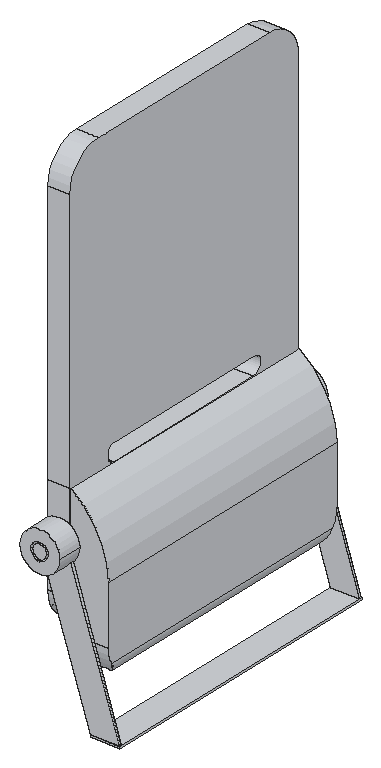
Revit family "2824067", category Generic Models, host Face, Revit 2018
Family settings
  Host = Face
  Can host rebar = No
  Round Connector Dimension = Use Diameter
  Part Type = Normal
  OmniClass Number = 23.80.70.00
  OmniClass Title = Lighting
  Cut with Voids When Loaded = No
  Shared = No
  Room Calculation Point = No
Parameters (values of type "Type Name")
  rotation axis = 142.4 mm
  bracket width = 288 mm
  URL = "http://www.sylvania-lighting.com"
  Type Image = <None>
  Type Comments = "n/a"
  Material_3_SYL = none
  Model = ""
  Manufacturer = "Feilo Sylvania"
  Keynote = ""
  Material_2_SYL = none
  Height = 157.859 mm
  Description = ""
  Default Elevation = 1219.2 mm
  Cost = 0
  Material_1_SYL = none
  Bracket Height = 195 mm
  Assembly Code = ""
  Material_4_SYL = none
Reference planes
  plane 1 "Center (Front/Back)": y = 0
  plane 2: z = 0
  plane 3 "Center (Left/Right)": x = 0
  plane 4: x = -16.5
  plane 5: x = 16.5
  plane 6: z = 155
  plane 7: x = -51.5
  plane 8: z = 137
  plane 9 "Rotation Axis": z = 142.4
  plane 10: z = 152.35
  plane 11: z = 195
  plane 12: x = -73.847
  plane 13: y = -187
  plane 14: y = 187
  plane 15: y = -160
  plane 16: y = 169
  plane 17: y = -169
  plane 18: through (-72.693, -4572, 174.07) normal (-0.3105, 0, 0.9506)
  plane 19: through (-63.557, -4572, 193.954) normal (0.9506, 0, 0.3105)
  plane 20: y = 162
  plane 21: z = 56.536
Forms (mm)
  Extrusion 1, solid, detail levels medium+fine
    sketch origin (0, 0, 0) x (1, 0, 0) y (0, 1, 0)
      loop
        line (-16.5, 169) -> (-16.5, -169) -> (16.5, -169) -> (16.5, 169) -> (-16.5, 169)
    from 0 to 2
  Extrusion 2, solid, detail levels medium+fine
    sketch origin (1524, -349.9, 1220.035) x (1, 0, 0) y (0, 0, 1)
      loop
        line (-1540.496, -1218.035) -> (-1507.966, -1218.035) -> (-1567.674, -1035.217)
        arc (-1567.674, -1035.217) -> (-1587.557, -1026.081) -> (-1596.693, -1045.965) r 15.473
        line (-1596.693, -1045.965) -> (-1540.496, -1218.035)
    from -180.9 to -182.9
  Extrusion 3, solid, detail levels medium+fine
    sketch origin (0, 0, 0.069) x (1, 0, 0) y (0, 0, 1)
      loop
        line (-16.39, 1.931) -> (16.139, 1.931) -> (-43.636, 184.958)
        arc (-43.636, 184.958) -> (-63.457, 193.922) -> (-72.656, 174.21) r 15.474
        line (-72.656, 174.21) -> (-16.39, 1.931)
    from -169 to -167
  Extrusion 4, solid, detail levels medium+fine
    sketch origin (-6.388, 0, 36.204) x (1, 0, 0) y (0, 0, 1)
      loop
        circle (-51.99, 142.374) r 22.5
    from -162 to -187
  Extrusion 5, solid, detail levels medium+fine
    sketch origin (-6.358, 0, 36.195) x (1, 0, 0) y (0, 0, 1)
      loop
        circle (-51.99, 142.374) r 22.5
    from 160 to 187
  Extrusion 6, void
    sketch origin (-6.256, 0, 44.074) x (1, 0, 0) y (0, 0, 1)
      loop
        circle (-52.373, 134.652) r 10
    from 169 to 187
  Extrusion 7, solid, detail levels fine
    sketch origin (-6.561, 0, 36.201) x (1, 0, 0) y (0, 0, 1)
      loop
        circle (-51.99, 142.374) r 7.5
    from 169 to 187
  Extrusion 8, void
    sketch origin (1517.357, -324.9, 1255.472) x (1, 0, 0) y (0, 0, 1)
      loop
        circle (-1575.99, -1076.826) r 10
    from -511.9 to -493.9
  Extrusion 9, solid, detail levels fine
    sketch origin (1517.42, -324.9, 1255.374) x (1, 0, 0) y (0, 0, 1)
      loop
        circle (-1575.99, -1076.826) r 7.5
    from -511.9 to -493.9
  Revolve 10, solid, not visible, detail levels coarse
    sketch origin (-58.257, 1528.788, 1255.151) x (0, 1, 0) y (0, 0, 1)
      loop
        line (-1362.428, -1054.349) -> (-1379.437, -1054.349) -> (-1379.437, -1074.349) -> (-1362.428, -1074.349) -> (-1362.428, -1054.349)
      axis (-1362.428, -1076.8) -> (-1379.437, -1076.8)
    angle from 0 to 180
Cuts and joins
  Extrusion 6 cuts Extrusion 5
  Extrusion 8 cuts Extrusion 4
Dimensions and locks
  "Bracket Height": plane 11 to level
  plane 17 to plane 16 = 338 mm
  equal spacing: plane 17, plane 1 "Center (Front/Back)", plane 16
  plane 13 to cut or joined group of Extrusion 5, Extrusion 6 = 18 mm
  aligned and locked: plane 2 to host face
  aligned and locked: level to host face
Automatic sketch dimensions
  host sketch curve to host sketch curve = 2438.4 mm  (x2)
  Extrusion 1 sketch curve to plane 4 = 0 mm
  Extrusion 1 sketch curve to plane 5 = 0 mm
  Extrusion 4 sketch curve to plane 9 "Rotation Axis" = 36.178 mm
  Extrusion 5 sketch curve to plane 9 "Rotation Axis" = 36.169 mm
  Extrusion 6 sketch curve to plane 9 "Rotation Axis" = 36.326 mm
  Extrusion 7 sketch curve to plane 9 "Rotation Axis" = 36.175 mm
  Extrusion 8 sketch curve to plane 9 "Rotation Axis" = 36.246 mm
  Extrusion 9 sketch curve to plane 9 "Rotation Axis" = 36.148 mm
  Revolve 10 sketch curve to plane 9 "Rotation Axis" = 35.951 mm
  Revolve 10 sketch curve to Revolve 10 sketch curve = 17.009 mm
  Revolve 10 sketch curve to plane 9 "Rotation Axis" = 38.402 mm
  plane 6 to Revolve 10 sketch curve = 45.802 mm
  Revolve 10 sketch curve to Revolve 10 sketch curve = 62.43 mm
  Revolve 10 sketch curve to Revolve 10 sketch curve = 22.367 mm
  plane 12 to Extrusion 2 sketch curve = 1.154 mm
  plane 7 to Extrusion 2 sketch curve = 6.684 mm
  Extrusion 2 sketch curve to plane 7 = 7.826 mm
  plane 4 to Extrusion 2 sketch curve = 0.004 mm
  level to Extrusion 2 sketch curve = 2 mm
  plane 6 to Extrusion 2 sketch curve = 19.07 mm
  Extrusion 2 sketch curve to Extrusion 2 sketch curve = 5.374 mm
  Extrusion 2 sketch curve to plane 5 = 0.466 mm
  plane 12 to Extrusion 3 sketch curve = 1.191 mm
  plane 7 to Extrusion 3 sketch curve = 6.582 mm
  Extrusion 3 sketch curve to plane 7 = 7.864 mm
  plane 4 to Extrusion 3 sketch curve = 0.11 mm
  Extrusion 3 sketch curve to plane 5 = 0.361 mm
  level to Extrusion 3 sketch curve = 2 mm
  Extrusion 3 sketch curve to Extrusion 3 sketch curve = 5.202 mm
  Extrusion 3 sketch curve to plane 11 = 9.973 mm
  plane 7 to Extrusion 6 sketch curve = 7.13 mm
  plane 7 to Extrusion 7 sketch curve = 7.051 mm
  plane 7 to Extrusion 9 sketch curve = 7.07 mm
  plane 7 to Extrusion 4 sketch curve = 6.879 mm
  plane 7 to Extrusion 5 sketch curve = 6.848 mm
  plane 7 to Extrusion 8 sketch curve = 7.133 mm
  Extrusion 1 sketch curve to plane 16 = 0 mm
  Revolve 10 sketch curve to plane 20 = 12.649 mm
  Extrusion 1 sketch curve to plane 17 = 0 mm
  radius of Extrusion 4 sketch curve = 22.5 mm
  radius of Extrusion 5 sketch curve = 22.5 mm
  radius of Extrusion 6 sketch curve = 10 mm
  radius of Extrusion 7 sketch curve = 7.5 mm
  radius of Extrusion 8 sketch curve = 10 mm
  radius of Extrusion 9 sketch curve = 7.5 mm
Nested families
  nested 1: "2824067" at (-58.257, -67.17, 309.036) x (0, 1, 0) z (1, 0, 0), type "2824067 RAIDEN IP66 12KLM 840 STREET"
    with built-in parameter 1114216 (empty or 0)
Definition of nested family "2824067"
  Parameters (values of type "2824067 RAIDEN IP66 12KLM 840 STREET")
    height = 60 mm
    Width = 319 mm
    Wattage Comments = "n/a"
    Wattage = 9.2903 W
    built-in parameter 1150110 = 1 (stored number, unit not read)
    URL = "0.95"
    Type Image = (empty or 0)
    Type Comments = "n/a"
    built-in parameter 1114217 = 1 (stored number, unit not read)
    Tilt Angle = -90.00°
    built-in parameter 1150109 = 1 (stored number, unit not read)
    built-in parameter 1150134 = 3
    built-in parameter 1150113 = 1 (stored number, unit not read)
    Photometric Web File = "2824067.IES"
    Material_3_SYL = none
    Model = "Raiden IP66 12KLM 840 Street"
    Manufacturer = ""
    built-in parameter 1150105 = 109.82 (stored number, unit not read)
    Lumens = 1380 lm
    built-in parameter 1150115 = 1 (stored number, unit not read)
    built-in parameter 1150137 = (empty or 0)
    built-in parameter 1150139 = (empty or 0)
    Length = 511 mm
    built-in parameter 1150112 = 1 (stored number, unit not read)
    built-in parameter 1150114 = 1 (stored number, unit not read)
    Lamp = "n/a"
    Keynote = "n/a"
    Material_2_SYL = none
    built-in parameter 1150132 = (empty or 0)
    built-in parameter 1150102 = (empty or 0)
    built-in parameter 1150107 = 3200 (stored number, unit not read)
    built-in parameter 1150138 = (empty or 0)
    built-in parameter 1150106 = 1.0982 (stored number, unit not read)
    Emit from Circle Diameter = 609.6 mm
    Emit Shape Visible in Rendering = no
    built-in parameter 1150104 = 13.8 (stored number, unit not read)
    Dimming Lamp Color Temperature Shift = (empty or 0)
    Description = "Outdoor and indoor floodlight range with in house design, comes complete with 1m flying lead and adjustable bracket, aluminium housing, RAL 9022 - Pearl light grey, clear glass diffuser, IP66, IK08, Class I, 4000K, Non-dimming, 12000lm, 90W, 133lm/W, CRI80, Street beam angle 155*75°, 100000 hrs L80B50 lifespan, 511x319x76mm (LxWxH) dimensions, 6.1kg weight."
    Default Elevation = 1219.2 mm
    Cost = 0
    Color Filter = 16777215
    built-in parameter 1114216 [instance] = (empty or 0)
    Material_1_SYL = none
    built-in parameter 1114218 = 1 (stored number, unit not read)
    built-in parameter 1150133 = 10 (stored number, unit not read)
    Assembly Code = "D5020200"
    Apparent Load = 90 VA
    Material_4_SYL = none
  Reference planes
    plane 1 "Center (Front/Back)": y = 2.5
    plane 2: z = 0.95
    plane 3 "Center (Left/Right)": x = 68.124
    plane 4: z = -14.05
    plane 5: z = 15.95
    plane 6: x = 227.624
    plane 7: z = 0.95
    plane 8: z = 45.95
    plane 9: x = -91.376
    plane 10: y = -253
    plane 11: y = 258
    plane 12: y = 5.117
    plane 13: y = -56
    plane 14: y = -49.461
    plane 15: x = 175.624
    plane 16: x = -39.376
    plane 17: x = 1.624
    plane 18: y = -226
    plane 19: y = 236
    plane 20: y = -76
    plane 21: y = -16
    plane 22: x = -67.376
    plane 23: y = -213
    plane 24: x = -51.376
    plane 25: x = 187.624
    plane 26: x = 227.624
    plane 27: x = 134.624
  Forms (mm)
    Extrusion 1, solid
      sketch origin (26.073, 0, 0.95) x (1, 0, 0) y (0, 1, 0)
        loop
          line (-1219.2, 1219.2) -> (-1219.2, -1219.2) -> (1219.2, -1219.2) -> (1219.2, 1219.2) -> (-1219.2, 1219.2)
      from 0 to -68.017
    Extrusion 2, solid, detail levels medium+fine
      sketch origin (83.124, -34.451, 0.95) x (1, 0, 0) y (0, 1, 0)
        loop
          line (-174.5, 253) -> (-174.5, -151.549)
          arc (-174.5, -151.549) -> (-162.784, -179.833) -> (-134.5, -191.549) r 40
          line (-134.5, -191.549) -> (104.5, -191.549)
          arc (104.5, -191.549) -> (132.784, -179.833) -> (144.5, -151.549) r 40
          line (144.5, -151.549) -> (144.5, 253)
          arc (144.5, 253) -> (132.784, 281.284) -> (104.5, 293) r 40
          line (104.5, 293) -> (-134.5, 293)
          arc (-134.5, 293) -> (-162.784, 281.284) -> (-174.5, 253) r 40
      from -15 to 9.702
    Extrusion 3, solid, detail levels medium+fine
      sketch origin (402.124, 1489.549, 1205.15) x (0, 1, 0) y (0, 0, 1)
        loop
          line (-1644.468, -1151.519) -> (-1728.014, -1151.519)
          arc (-1728.014, -1151.519) -> (-1739.904, -1157.404) -> (-1742.436, -1170.427) r 14.954
          line (-1742.436, -1170.427) -> (-1715.549, -1219.2) -> (-1565.549, -1219.2) -> (-1565.549, -1194.2)
          arc (-1565.549, -1194.2) -> (-1599.607, -1162.873) -> (-1644.468, -1151.519) r 94.303
      from -493.5 to -174.5
    Extrusion 4, void
      sketch origin (81.72, -11.578, 0.95) x (1, 0, 0) y (0, 1, 0)
        loop
          arc (-149.096, 10.578) -> (-144.703, -0.029) -> (-134.096, -4.422) r 15
          line (-134.096, -4.422) -> (106.904, -4.422)
          arc (106.904, -4.422) -> (117.51, -0.029) -> (121.904, 10.578) r 15
          line (121.904, 10.578) -> (121.904, 232.578)
          arc (121.904, 232.578) -> (117.51, 243.184) -> (106.904, 247.578) r 15
          line (106.904, 247.578) -> (-134.096, 247.578)
          arc (-134.096, 247.578) -> (-144.703, 243.184) -> (-149.096, 232.578) r 15
          line (-149.096, 232.578) -> (-149.096, 10.578)
      from -16.268 to -10.594
    Extrusion 5, solid, detail levels fine
      sketch origin (83.124, 0.218, 0.95) x (1, 0, 0) y (0, 1, 0)
        loop
          arc (-135.5, 235.782) -> (-146.107, 231.388) -> (-150.5, 220.782) r 15
          line (-150.5, 220.782) -> (-150.5, -1.218)
          arc (-150.5, -1.218) -> (-146.107, -11.825) -> (-135.5, -16.218) r 15
          line (-135.5, -16.218) -> (105.5, -16.218)
          arc (105.5, -16.218) -> (116.107, -11.825) -> (120.5, -1.218) r 15
          line (120.5, -1.218) -> (120.5, 220.782)
          arc (120.5, 220.782) -> (116.107, 231.388) -> (105.5, 235.782) r 15
          line (105.5, 235.782) -> (-135.5, 235.782)
      from -12.231 to -10.594
    Extrusion 6, void
      sketch origin (59.01, -67.578, 0.95) x (1, 0, 0) y (0, 1, 0)
        loop
          arc (106.512, -8.423) -> (116.512, 1.577) -> (106.512, 11.577) r 10
          line (106.512, 11.577) -> (-88.339, 11.577)
          arc (-88.339, 11.577) -> (-98.339, 1.577) -> (-88.339, -8.423) r 10
          line (-88.339, -8.423) -> (106.512, -8.423)
      from -18.734 to 12.525
    Extrusion 7, void
      sketch origin (68.124, -34.451, 0) x (0, 1, 0) y (0, 0, 1)
        loop
          line (-253.049, 15.95) -> (-253.049, -34.125) -> (-191.549, -30.902) -> (-191.549, 15.95) -> (-253.049, 15.95)
      from 66.5 to 210.265
    Extrusion 8, void
      sketch origin (68.124, -34.451, 0) x (0, 1, 0) y (0, 0, 1)
        loop
          line (-191.549, 15.95) -> (-275.432, 15.95) -> (-275.432, -28.004) -> (-191.549, -28.004) -> (-191.549, 15.95)
      from -190.34 to -66.5
    Extrusion 9, void
      sketch origin (23.624, -126, 0.95) x (1, 0, 0) y (0, 1, 0)
        loop
          line (-115, -60) -> (-115, -100) -> (-75, -100)
          arc (-75, -100) -> (-103.284, -88.284) -> (-115, -60) r 40
      from -22.043 to 15
    Extrusion 10, void
      sketch origin (91.954, 19.065, 0.95) x (1, 0, 0) y (0, 1, 0)
        loop
          line (95.67, -245.065) -> (135.67, -245.065) -> (135.67, -205.065)
          arc (135.67, -205.065) -> (123.954, -233.349) -> (95.67, -245.065) r 40
      from -24.354 to 15
    Extrusion 11, solid, detail levels medium+fine
      sketch origin (1607.216, -359.351, 1205.129) x (1, 0, 0) y (0, 0, 1)
        loop
          circle (-1419.5, -1204.2) r 11
      from -136.15 to -106.464
    Extrusion 12, void
      sketch origin (0, 0, 0.95) x (1, 0, 0) y (0, 1, 0)
        loop
          line (-91.376, -186) -> (-91.376, -226) -> (-51.376, -226)
          arc (-51.376, -226) -> (-79.66, -214.284) -> (-91.376, -186) r 40
      from 0 to 12.525
    Extrusion 13, void
      sketch origin (0, 0, 0.95) x (1, 0, 0) y (0, 1, 0)
        loop
          line (-91.376, -221) -> (-91.376, -261) -> (-51.376, -261)
          arc (-51.376, -261) -> (-79.66, -249.284) -> (-91.376, -221) r 40
      from 0 to 100
    Extrusion 14, void
      sketch origin (0, 0, 0.95) x (1, 0, 0) y (0, 1, 0)
        loop
          arc (227.624, -215.988) -> (215.905, -244.281) -> (187.612, -256) r 40.012
          line (187.612, -256) -> (227.624, -256) -> (227.624, -215.988)
      from 12.525 to 100
    Extrusion 15, solid, detail levels coarse
      sketch origin (0, 0, 0.95) x (1, 0, 0) y (0, 1, 0)
        loop
          line (-91.376, 258.549) -> (-91.376, -252.887) -> (227.624, -252.887) -> (227.624, 258.549) -> (-91.376, 258.549)
      from -15 to 52.681
  Cuts and joins
    Extrusion 4, Extrusion 6, Extrusion 7, Extrusion 8, Extrusion 9, Extrusion 10, Extrusion 12 cuts Extrusion 2
    Extrusion 6, Extrusion 7, Extrusion 8, Extrusion 9, Extrusion 10, Extrusion 12, Extrusion 13, Extrusion 14 cuts Extrusion 3
    Extrusion 14 cuts Extrusion 11
  Dimensions and locks
    "height": plane 4 to plane 8
    "Width": plane 9 to plane 6
    equal spacing: plane 9, plane 3 "Center (Left/Right)", plane 6
    equal spacing: plane 11, plane 1 "Center (Front/Back)", plane 10
    "Length": plane 11 to plane 10
    aligned and locked: plane 2 to Extrusion 1
    aligned and locked: level to Extrusion 1
  Automatic sketch dimensions
    Extrusion 1 sketch curve to Extrusion 1 sketch curve = 2438.4 mm  (x2)
    Extrusion 4 sketch curve to plane 3 "Center (Left/Right)" = 135.5 mm
    Extrusion 4 sketch curve to Extrusion 4 sketch curve = 15 mm  (x3)
    plane 1 "Center (Front/Back)" to Extrusion 4 sketch curve = 18.5 mm
    Extrusion 4 sketch curve to Extrusion 4 sketch curve = 222 mm
    Extrusion 5 sketch curve to plane 3 "Center (Left/Right)" = 135.5 mm
    Extrusion 5 sketch curve to Extrusion 5 sketch curve = 15 mm  (x2)
    plane 1 "Center (Front/Back)" to Extrusion 5 sketch curve = 18.5 mm
    Extrusion 5 sketch curve to Extrusion 5 sketch curve = 222 mm
    Extrusion 7 sketch curve to plane 5 = 0 mm
    Extrusion 7 sketch curve to plane 4 = 16.852 mm
    Extrusion 7 sketch curve to plane 4 = 20.075 mm
    Extrusion 8 sketch curve to plane 5 = 0 mm
    Extrusion 8 sketch curve to plane 4 = 13.954 mm
    Extrusion 8 sketch curve to Extrusion 8 sketch curve = 83.883 mm
    Extrusion 9 sketch curve to plane 3 "Center (Left/Right)" = 159.5 mm
    Extrusion 9 sketch curve to Extrusion 9 sketch curve = 40 mm
    Extrusion 10 sketch curve to plane 6 = 0 mm
    Extrusion 11 sketch curve to level = 0.021 mm
    Extrusion 4 sketch curve to plane 6 = 39 mm  (x2)
    Extrusion 5 sketch curve to plane 6 = 39 mm  (x2)
    Extrusion 5 sketch curve to plane 6 = 24 mm
    Extrusion 10 sketch curve to Extrusion 10 sketch curve = 40 mm
    Extrusion 11 sketch curve to plane 6 = 39.908 mm
    Extrusion 2 sketch curve to plane 9 = 0 mm
    Extrusion 2 sketch curve to plane 6 = 0 mm
    plane 10 to Extrusion 2 sketch curve = 27 mm
    plane 9 to Extrusion 2 sketch curve = 40 mm  (x2)
    Extrusion 2 sketch curve to plane 11 = 39.451 mm  (x2)
    Extrusion 2 sketch curve to plane 6 = 40 mm
    Extrusion 12 sketch curve to plane 9 = 0 mm
    Extrusion 12 sketch curve to plane 18 = 0 mm
    plane 22 to Extrusion 12 sketch curve = 16 mm
    Extrusion 13 sketch curve to plane 9 = 0 mm
    Extrusion 13 sketch curve to plane 24 = 0 mm
    Extrusion 13 sketch curve to plane 23 = 8 mm
    Extrusion 13 sketch curve to plane 10 = 8 mm
    Extrusion 14 sketch curve to plane 25 = 0.012 mm
    Extrusion 14 sketch curve to plane 6 = 0 mm
    Extrusion 14 sketch curve to plane 23 = 2.988 mm
    Extrusion 14 sketch curve to plane 10 = 3 mm
    Extrusion 7 sketch curve to plane 18 = 0 mm
    Extrusion 7 sketch curve to plane 10 = 34.5 mm
    Extrusion 8 sketch curve to plane 18 = 0 mm
    Extrusion 9 sketch curve to plane 18 = 0 mm
    Extrusion 10 sketch curve to plane 18 = 0 mm
    Extrusion 6 sketch curve to plane 13 = 0.001 mm
    Extrusion 6 sketch curve to plane 20 = 0.001 mm
    plane 16 to Extrusion 6 sketch curve = 10.047 mm
    Extrusion 6 sketch curve to plane 15 = 10.102 mm
    Extrusion 3 sketch curve to plane 4 = 0 mm
    Extrusion 3 sketch curve to plane 18 = 0 mm
    Extrusion 3 sketch curve to plane 20 = 0 mm
    plane 10 to Extrusion 3 sketch curve = 14.535 mm
    plane 10 to Extrusion 3 sketch curve = 0.113 mm
    Extrusion 3 sketch curve to plane 4 = 26.622 mm
    Extrusion 3 sketch curve to plane 8 = 11.227 mm
    Extrusion 3 sketch curve to plane 8 = 7.273 mm
    Extrusion 3 sketch curve to plane 5 = 5 mm
    Extrusion 15 sketch curve to plane 9 = 0 mm
    Extrusion 15 sketch curve to plane 6 = 0 mm
    plane 11 to Extrusion 15 sketch curve = 0.549 mm
    plane 10 to Extrusion 15 sketch curve = 0.113 mm
    radius of Extrusion 11 sketch curve = 11 mm
  Connectors
    electrical at (187.716, -252.887, 0.929)
      settings: on Extrusion 11, index 1, voltage 0 V, apparent load 0 VA, apparent load phase1 0 VA, apparent load phase2 0 VA, apparent load phase3 0 VA, power factor 1, load classification none, number of poles 1, system type 31, power factor state 1, is connector primary yes, connector utility no, sub classification motor no, connector description ""
